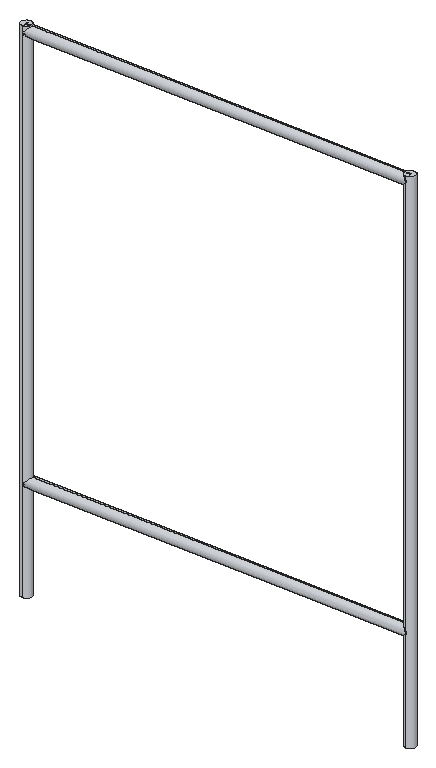
Revit family "Vertical Frame", category Generic Models, Revit 2025
Family settings
  Can host rebar = No
  Round Connector Dimension = Use Diameter
  Part Type = Normal
  Work Plane-Based = No
  Always vertical = Yes
  Cut with Voids When Loaded = No
  Maintain Annotation Orientation = No
  Shared = No
  Room Calculation Point = No
Parameters
  Pipe Width (Centers) = 1500 mm
  Pipe Radius = 20 mm
  Pipe Numbers = 2
  Pipe Height = 2000 mm
  Default Elevation = 0 mm
  Pipe Start Base = 400 mm
Reference planes
  plane 1 "Center (Front/Back)": y = 0
  plane 2: z = 0
  plane 3 "Center (Left/Right)": x = 0
  plane 4: x = -750
  plane 5: x = 750
  plane 6 "Base": z = 400
  plane 7 "Bottom Pipe": z = 800
Forms (mm)
  Extrusion 1, solid
    sketch origin (0, 0, 400) x (0, -1, 0) y (1, 0, 0)
      loop
        circle (0, -750) r 20
      loop
        circle (0, 750) r 20
    from 0 to 2000 <- "Pipe Height"
  Sweep 2, solid
    path origin (0, 0, 0) x (1, 0, 0) y (0, 0, 1)
      loop
        line (-750, 800) -> (750, 800)
    profile origin (0, 0, 800) x (0, 0, 1) y (0, -1, 0)
      loop
        circle (0, 0) r 20
  Sweep 3, solid
    path origin (0, 0, 1580) x (1, 0, 0) y (0, 0, 1)
      loop
        line (-750, 800) -> (750, 800)
    profile origin (0, 0, 2380) x (0, 0, 1) y (0, -1, 0)
      loop
        circle (0, 0) r 20
Dimensions and locks
  "Pipe Width (Centers)": plane 4 to plane 5
  equal spacing: plane 4, plane 3 "Center (Left/Right)", plane 5
  "Pipe Start Base": plane 6 "Base" to level
  locked: plane 7 "Bottom Pipe" to plane 6 "Base" at 400
  group 1 to group 2 = 0 mm  (x2)
  group 1 to group 2 = 1580 mm
  "Pipe Radius": radius of Extrusion 1 sketch curve  (x2)
  "Pipe Radius": radius of Sweep 2 sketch curve
  "Pipe Radius": radius of Sweep 3 sketch curve
  aligned and locked: level to plane 2
Automatic sketch dimensions
  profile plane to Sweep 2 sketch curve = 0 mm
  Sweep 2 sketch curve to Sweep 2 sketch curve = 1500 mm
  Sweep 2 sketch curve to profile plane = 0 mm
  profile plane to Sweep 3 sketch curve = 0 mm
  Sweep 3 sketch curve to Sweep 3 sketch curve = 1500 mm
  Sweep 3 sketch curve to profile plane = 0 mm
  plane 1 "Center (Front/Back)" to Extrusion 1 sketch curve = 0 mm  (x2)
  Extrusion 1 sketch curve to plane 4 = 0 mm
  Extrusion 1 sketch curve to plane 5 = 0 mm
